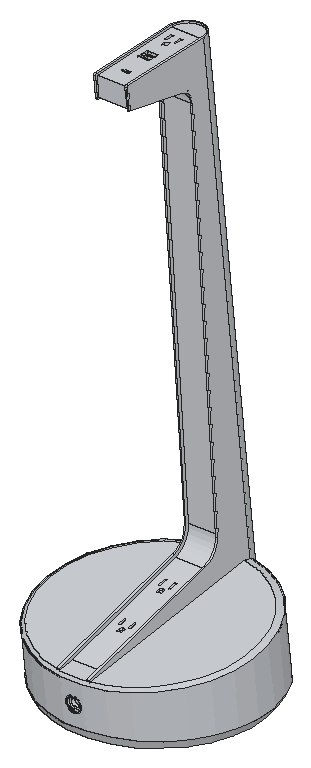
Revit family "PAPCO", category Furniture Systems, Revit 2019
Family settings
  Round Connector Dimension = Use Diameter
  Part Type = Normal
  Work Plane-Based = No
  Always vertical = Yes
  Cut with Voids When Loaded = No
  Shared = No
  Room Calculation Point = No
Parameters
  URL = "https://fomcore.com/"
  Type Comments = "Embroidery and Hardware"  # constant formula
  Power Finish = none
  Model = "PAPCO"
  Manufacturer = "Fomcore"  # constant formula
  Description = "Power Tower"
Reference planes (in)
  plane 1 "Center F/B": y = 0
  plane 2: z = 0
  plane 3: x = -11.98335
Forms (in)
  Extrusion 1, solid, material <- "Power Finish"
    sketch origin (-11.92038, 5.44999, 4.188) x (-1, 0, 0) y (0, -0.991445, -0.130526)
      loop
        arc (0.8585, 0.05383) -> (-0.00579, 10.48263) -> (-0.85988, 0.05299) r 5.25
        arc (-0.85988, 0.05299) -> (-0.00066, -0.01737) -> (0.8585, 0.05383) r 5.25
    from -4.38234 to 0.37481
  Extrusion 2, void
    sketch origin (-14.19466, -19.47687, 0) x (0, 1, 0) y (0, 0, 1)
      loop
        line (26.08836, 4.17686) -> (25.9366, 5.32956) -> (13.7914, 3.73062) -> (13.94316, 2.57791) -> (26.08836, 4.17686)
    from -5.36005 to 12
  Extrusion 3, void
    sketch origin (-14.19466, -19.47687, 0) x (0, 1, 0) y (0, 0, 1)
      loop
        line (12.69757, 0.438) -> (12.69757, -1.56387) -> (27.1274, -1.312) -> (27.1274, 0.438) -> (12.69757, 0.438)
    from -6.58459 to 12
  Blend 4, solid, material <- "Power Finish"
    base sketch origin (-2.19466, -19.47687, 0) x (0, -1, 0) y (1, 0, 0)
      loop
        arc (-25.01133, -10.51074) -> (-15.07393, -9.80273) -> (-24.9848, -8.78899) r 5
        arc (-24.9848, -8.78899) -> (-25.72672, -9.63864) -> (-25.01133, -10.51074) r 0.87297
    top sketch origin (-2.19466, -19.47687, 0) x (0, -1, 0) y (1, 0, 0)
      loop
        arc (-25.36552, -10.58372) -> (-14.84969, -9.77599) -> (-25.35705, -8.86468) r 5.291
        arc (-25.35705, -8.86468) -> (-26.08164, -9.72065) -> (-25.36552, -10.58372) r 0.87297
    from 0 to 0.438
  Blend 5, solid, material <- "Power Finish"
    base sketch origin (-2.16923, -19.81295, 1.13863) x (0, -0.991518, -0.129968) y (-1, 0, 0)
      loop
        arc (-25.01133, 10.51074) -> (-25.07274, 9.64871) -> (-24.9848, 8.78899) r 5
        arc (-24.9848, 8.78899) -> (-15.07393, 9.80273) -> (-25.01133, 10.51074) r 5
    top sketch origin (-2.16923, -19.81295, 1.13863) x (0, -0.991518, -0.129968) y (-1, 0, 0)
      loop
        arc (-25.42338, 10.57559) -> (-25.54945, 9.72702) -> (-25.41117, 8.88035) r 2.78399
        arc (-25.41117, 8.88035) -> (-14.96347, 9.80327) -> (-25.42338, 10.57559) r 5.2614
    from 0.2627 to 0.438
  Extrusion 6, solid, material <- "Power Finish"
    sketch origin (-10.88833, 3.02851, 31.04454) x (-0.999997, 0.002474, 0.000568) y (-0.002523, -0.993168, -0.11667)
      loop
        line (0.31161, 11.00202) -> (0.1688, 11.00202) -> (0.1688, 0.81936)
        arc (0.1688, 0.81936) -> (1.01241, 0) -> (1.85603, 0.81936) r 0.84397
        line (1.85603, 0.81936) -> (1.85603, 11.00203) -> (1.71322, 11.00203) -> (1.78738, 0.8448)
        arc (1.78738, 0.8448) -> (1.00671, 0.06413) -> (0.23753, 0.85611) r 0.77503
        line (0.23753, 0.85611) -> (0.31161, 11.00202)
    from -30.93713 to -0.30024
  Extrusion 7, void
    sketch origin (-14.19466, -19.47687, 0) x (0, 1, 0) y (0, 0, 1)
      loop
        line (23.09617, 28.97306) -> (23.09617, 31.32623) -> (10.73335, 30.46174) -> (10.73335, 1.79124) -> (22.06879, 4.82857)
        arc (22.06879, 4.82857) -> (22.6275, 5.21797) -> (22.80807, 5.87463) r 1.0016
        line (22.80807, 5.87463) -> (21.21165, 26.15899)
        arc (21.21165, 26.15899) -> (20.95689, 26.75126) -> (20.39394, 27.06556) r 1.0016
        line (20.39394, 27.06556) -> (17.25695, 27.6413)
        arc (17.25695, 27.6413) -> (17.23336, 27.65418) -> (17.22204, 27.67855) r 0.04297
        line (17.22204, 27.67855) -> (17.0911, 28.79316)
        arc (17.0911, 28.79316) -> (17.10158, 28.82712) -> (17.13376, 28.8422) r 0.04392
        line (17.13376, 28.8422) -> (23.09617, 28.97306)
      loop
        line (26.51915, 0.438) -> (14.12282, 0.438) -> (14.93886, -1.312) -> (26.98806, -1.312) -> (26.51915, 0.438)
    from 0 to 12
  Extrusion 8, solid, material <- "Power Finish"
    sketch origin (-14.19466, -19.47687, 0) x (0, -1, 0) y (0, 0, 1)
      loop
        arc (-21.33237, 26.16849) -> (-21.04681, 26.83237) -> (-20.4158, 27.18466) r 1.1227
        line (-20.4158, 27.18466) -> (-17.21096, 27.77286) -> (-17.14027, 28.78372) -> (-21.89045, 28.88797) -> (-21.89045, 28.76685) -> (-17.23676, 28.66472) -> (-17.32962, 27.8742) -> (-20.43766, 27.30376)
        arc (-20.43766, 27.30376) -> (-21.13673, 26.91347) -> (-21.45309, 26.17799) r 1.24379
        line (-21.45309, 26.17799) -> (-23.04951, 5.89363)
        arc (-23.04951, 5.89363) -> (-22.82528, 5.0782) -> (-22.13147, 4.59463) r 1.24379
        line (-22.13147, 4.59463) -> (-16.46247, 3.07563) -> (-15.54653, 2.95557) -> (-22.10013, 4.7116)
        arc (-22.10013, 4.7116) -> (-22.72639, 5.14808) -> (-22.92879, 5.88413) r 1.1227
        line (-22.92879, 5.88413) -> (-21.33237, 26.16849)
    from -3.06249 to -1.51881
  Extrusion 9, solid, material <- "Power Finish"
    sketch origin (-14.19466, 3.27797, 28.90694) x (0, -0.999759, -0.021941) y (1, 0, 0)
      loop
        arc (0.86461, 3.06547) -> (0.06481, 2.29129) -> (0.86461, 1.51711) r 0.77459
        line (0.86461, 1.51711) -> (0.86461, 3.06547)
    from -0.12109 to 0
  Blend 10, void
    base sketch origin (-14.19466, 2.62326, 4.7116) x (0, -0.965926, -0.258819) y (1, 0, 0)
      loop
        line (4.59861, 2.39658) -> (4.47631, 2.39658)
        arc (4.47631, 2.39658) -> (4.35401, 2.27428) -> (4.47631, 2.15198) r 0.1223
        line (4.47631, 2.15198) -> (4.59861, 2.15198) -> (4.59861, 2.39658)
    top sketch origin (-14.19466, 2.62326, 4.7116) x (0, -0.965926, -0.258819) y (1, 0, 0)
      loop
        line (4.58081, 2.17128) -> (4.58081, 2.37728) -> (4.47631, 2.37728)
        arc (4.47631, 2.37728) -> (4.37331, 2.27428) -> (4.47631, 2.17128) r 0.103
        line (4.47631, 2.17128) -> (4.58081, 2.17128)
    from 0 to -0.03743
  Blend 11, void
    base sketch origin (-14.53378, 2.97743, 4.8065) x (0, -0.965926, -0.258819) y (1, 0, 0)
      loop
        line (4.59368, 2.3031) -> (4.59368, 2.4237) -> (4.21808, 2.4237) -> (4.21808, 2.3031) -> (4.59368, 2.3031)
    top sketch origin (-14.53378, 2.97743, 4.8065) x (0, -0.965926, -0.258819) y (1, 0, 0)
      loop
        line (4.57588, 2.3224) -> (4.57588, 2.40439) -> (4.23738, 2.40439) -> (4.23738, 2.3224) -> (4.57588, 2.3224)
    from 0 to -0.03743
  Blend 12, void
    base sketch origin (-14.03378, 2.97743, 4.8065) x (0, -0.965926, -0.258819) y (1, 0, 0)
      loop
        line (4.59368, 2.3031) -> (4.59368, 2.4237) -> (4.21808, 2.4237) -> (4.21808, 2.3031) -> (4.59368, 2.3031)
    top sketch origin (-14.03378, 2.97743, 4.8065) x (0, -0.965926, -0.258819) y (1, 0, 0)
      loop
        line (4.57588, 2.3224) -> (4.57588, 2.40439) -> (4.23738, 2.40439) -> (4.23738, 2.3224) -> (4.57588, 2.3224)
    from 0 to -0.03743
  Blend 13, void
    base sketch origin (-14.19466, 5.13895, 5.38568) x (0, -0.965926, -0.258819) y (1, 0, 0)
      loop
        line (4.59861, 2.39658) -> (4.47631, 2.39658)
        arc (4.47631, 2.39658) -> (4.35401, 2.27428) -> (4.47631, 2.15198) r 0.1223
        line (4.47631, 2.15198) -> (4.59861, 2.15198) -> (4.59861, 2.39658)
    top sketch origin (-14.19466, 5.13895, 5.38568) x (0, -0.965926, -0.258819) y (1, 0, 0)
      loop
        line (4.58081, 2.17128) -> (4.58081, 2.37728) -> (4.47631, 2.37728)
        arc (4.47631, 2.37728) -> (4.37331, 2.27428) -> (4.47631, 2.17128) r 0.103
        line (4.47631, 2.17128) -> (4.58081, 2.17128)
    from 0 to -0.03743
  Blend 14, void
    base sketch origin (-14.53378, 5.49313, 5.48058) x (0, -0.965926, -0.258819) y (1, 0, 0)
      loop
        line (4.59368, 2.3031) -> (4.59368, 2.4237) -> (4.21808, 2.4237) -> (4.21808, 2.3031) -> (4.59368, 2.3031)
    top sketch origin (-14.53378, 5.49313, 5.48058) x (0, -0.965926, -0.258819) y (1, 0, 0)
      loop
        line (4.57588, 2.3224) -> (4.57588, 2.40439) -> (4.23738, 2.40439) -> (4.23738, 2.3224) -> (4.57588, 2.3224)
    from 0 to -0.03743
  Blend 15, void
    base sketch origin (-14.03378, 5.49313, 5.48058) x (0, -0.965926, -0.258819) y (1, 0, 0)
      loop
        line (4.59368, 2.3031) -> (4.59368, 2.4237) -> (4.21808, 2.4237) -> (4.21808, 2.3031) -> (4.59368, 2.3031)
    top sketch origin (-14.03378, 5.49313, 5.48058) x (0, -0.965926, -0.258819) y (1, 0, 0)
      loop
        line (4.57588, 2.3224) -> (4.57588, 2.40439) -> (4.23738, 2.40439) -> (4.23738, 2.3224) -> (4.57588, 2.3224)
    from 0 to -0.03743
  Revolve 16, void
    sketch origin (-11.88216, -19.06746, -1.88725) x (0, -0.991518, -0.129968) y (0, -0.129968, 0.991518)
      loop
        line (-14.76234, 1.773) -> (-14.92795, 1.773) -> (-14.96213, 1.54954) -> (-14.55904, 1.54954) -> (-14.51015, 1.93461) -> (-14.64842, 1.95216)
        arc (-14.64842, 1.95216) -> (-14.65356, 1.92002) -> (-14.66077, 1.88829) r 0.50306
        arc (-14.66077, 1.88829) -> (-14.67507, 1.85511) -> (-14.69862, 1.82771) r 0.11977
        line (-14.69862, 1.82771) -> (-14.76234, 1.773)
      axis (-14.96213, 1.54954) -> (-14.51015, 1.54954)
    angle from 0 to 360
  Blend 17, void
    base sketch origin (-25.19579, 4.34022, 28.93026) x (0, -0.999759, -0.021941) y (1, 0, 0)
      loop
        arc (5.85239, 13.44712) -> (5.83218, 13.49591) -> (5.78339, 13.51612) r 0.069
        line (5.78339, 13.51612) -> (5.73642, 13.51612)
        arc (5.73642, 13.51612) -> (5.68764, 13.49592) -> (5.66743, 13.44714) r 0.06898
        line (5.66743, 13.44714) -> (5.66743, 13.1731)
        arc (5.66743, 13.1731) -> (5.68764, 13.12432) -> (5.73642, 13.10412) r 0.06898
        line (5.73642, 13.10412) -> (5.78341, 13.10412)
        arc (5.78341, 13.10412) -> (5.83219, 13.12432) -> (5.85239, 13.1731) r 0.06898
        line (5.85239, 13.1731) -> (5.85239, 13.44712)
    top sketch origin (-25.19579, 4.34022, 28.93026) x (0, -0.999759, -0.021941) y (1, 0, 0)
      loop
        arc (5.78383, 13.12412) -> (5.81848, 13.13847) -> (5.83283, 13.17312) r 0.049
        line (5.83283, 13.17312) -> (5.83283, 13.44712)
        arc (5.83283, 13.44712) -> (5.81848, 13.48177) -> (5.78383, 13.49612) r 0.049
        line (5.78383, 13.49612) -> (5.73687, 13.49612)
        arc (5.73687, 13.49612) -> (5.70222, 13.48177) -> (5.68787, 13.44712) r 0.049
        line (5.68787, 13.44712) -> (5.68787, 13.17311)
        arc (5.68787, 13.17311) -> (5.70222, 13.13847) -> (5.73686, 13.12412) r 0.04899
        line (5.73686, 13.12412) -> (5.78383, 13.12412)
    from 0.00416 to -0.04311
  Extrusion 18, void
    sketch origin (-25.28104, 3.27797, 28.90694) x (0, 0.999759, 0.021941) y (1, 0, 0)
      loop
        arc (-3.18438, 13.06512) -> (-3.16974, 13.02976) -> (-3.13438, 13.01512) r 0.05
        line (-3.13438, 13.01512) -> (-2.96643, 13.01512)
        arc (-2.96643, 13.01512) -> (-2.93109, 13.02976) -> (-2.91644, 13.06511) r 0.04999
        line (-2.91644, 13.06511) -> (-2.91644, 13.55513)
        arc (-2.91644, 13.55513) -> (-2.93109, 13.59048) -> (-2.96643, 13.60512) r 0.04999
        line (-2.96643, 13.60512) -> (-3.13438, 13.60512)
        arc (-3.13438, 13.60512) -> (-3.16974, 13.59048) -> (-3.18438, 13.55512) r 0.05
        line (-3.18438, 13.55512) -> (-3.18438, 13.06512)
      loop
        arc (-3.25436, 13.55513) -> (-3.269, 13.59048) -> (-3.30435, 13.60512) r 0.04999
        line (-3.30435, 13.60512) -> (-3.4723, 13.60512)
        arc (-3.4723, 13.60512) -> (-3.50765, 13.59048) -> (-3.5223, 13.55512) r 0.05
        line (-3.5223, 13.55512) -> (-3.5223, 13.06512)
        arc (-3.5223, 13.06512) -> (-3.50765, 13.02976) -> (-3.4723, 13.01512) r 0.05
        line (-3.4723, 13.01512) -> (-3.30435, 13.01512)
        arc (-3.30435, 13.01512) -> (-3.269, 13.02976) -> (-3.25436, 13.06511) r 0.04999
        line (-3.25436, 13.06511) -> (-3.25436, 13.55513)
      loop
        line (-1.39081, 12.99762) -> (-1.39081, 13.12262) -> (-1.77072, 13.12262) -> (-1.77072, 12.99762) -> (-1.39081, 12.99762)
      loop
        line (-1.42331, 13.49762) -> (-1.42331, 13.62262) -> (-1.73823, 13.62262) -> (-1.73823, 13.49762) -> (-1.42331, 13.49762)
      loop
        circle (-0.78444, 13.3072) r 0.07791
      loop
        line (-2.17312, 13.43462) -> (-2.17312, 13.18562) -> (-2.04865, 13.18562)
        arc (-2.04865, 13.18562) -> (-1.92415, 13.31012) -> (-2.04865, 13.43462) r 0.1245
        line (-2.04865, 13.43462) -> (-2.17312, 13.43462)
    from -0.05861 to 0.38896
Cuts and joins
  Extrusion 2, Extrusion 3, Revolve 16 cuts Extrusion 1
  Extrusion 7 cuts Extrusion 6
  Blend 10, Blend 11, Blend 12, Blend 13, Blend 14, Blend 15, Blend 17, Extrusion 18 cuts Extrusion 8
Dimensions and locks (in)
  aligned and locked: level to plane 2
